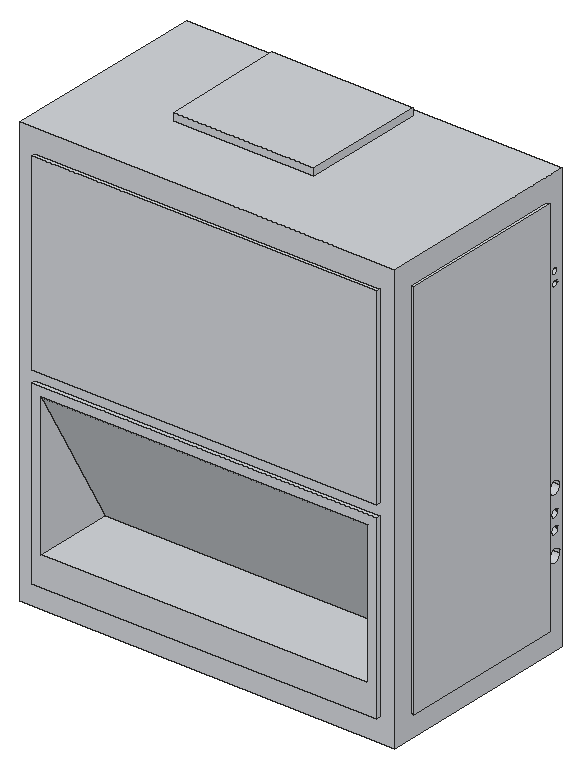
Revit family "44627e0ab2e943dab8dfb42cbd3c8ad0", category Mechanical Equipment, Revit 2021
Family settings
  Round Connector Dimension = Use Radius
  Part Type = Normal
  OmniClass Number = 23.75.35.14.17
  OmniClass Title = Modular Indoor Air Handling Units
  Seek Item ID = Air Handling Unit - Vertical Packaged - DX - 6-10 Tons-0000-USA-ENU
  Work Plane-Based = No
  Always vertical = Yes
  Cut with Voids When Loaded = No
  Shared = No
  Room Calculation Point = No
Parameters (values of type "2400 CFM")
  Working Pressure [instance] = 435.00 psi
  Voltage = 208 V
  Supply Air Outlet Width = 18 3/8"
  Supply Air Outlet Height = 16 1/16"
  Return Air Inlet Width = 42 3/4"
  Return Air Inlet Height = 18 1/2"
  Power Wire Radius = 0.437500"
  Power Wire Diameter = Power Wire Radius * 2  # 0.875000"
  Outlet Radius = 7/8"
  Outlet Diameter = Outlet Radius * 2  # 1 3/4"
  Operating Charge [instance] = "3.0 lb"
  Number of Poles = 3
  Nominal Capacity [instance] = 6000 Btu/h
  Load Classification = Cooling
  Inlet Radius = 9/16"
  Inlet Diameter = Inlet Radius * 2  # 1 1/8"
  External Static Pressure [instance] = 2.00 in-wg
  Drain Radius = 5/8"
  Drain Flow [instance] = 0 GPM
  Drain Diameter = Drain Radius * 2  # 1 1/4"
  Default Elevation = 0' - 0"
  Control Wire Radius = 0.437500"
  Control Wire Diameter = Control Wire Radius * 2  # 0.875000"
  C2 Offset 1 = (AHU Length - Return Air Inlet Width) / 2  # 0' - 3 1/8"
  Apparent Load = 1530 VA
  Air Flow = 2400 CFM
  AHU Width = 2' - 4 3/16"
  AHU Material = none
  AHU Length = 4' - 1"
  AHU Height = 4' - 8 1/16"
Types (4): name | Supply Air Outlet Height | Nominal Capacity | Apparent Load | Air Flow
  (no name) | 16 1/16" | 6000 Btu/h | 1530 VA | 2400 CFM
  2400 CFM | 16 1/16" | 6000 Btu/h | 1530 VA | 2400 CFM
  3000 CFM | 18 1/2" | 7500 Btu/h | 1860 VA | 3000 CFM
  4000 CFM | 18 1/2" | 10000 Btu/h | 2690 VA | 4000 CFM
Reference planes (in)
  plane 1 "Center (Front/Back)": y = 0
  plane 2: z = 0
  plane 3 "Center (Left/Right)": x = 0
  plane 4: x = 49
  plane 5: x = 2
  plane 6: x = 47
  plane 7: z = 56.0625
  plane 8: z = 3
  plane 9: z = 53.0625
  plane 10: z = 28.03125
  plane 11: z = 26.53125
  plane 12: z = 29.53125
  plane 13: y = -0.5
  plane 14: y = 27.6875
  plane 15: x = 12.0625
  plane 16: y = 26.0625
  plane 17: y = 10
  plane 18: z = 57.0625
  plane 19: z = 1.5
  plane 20: z = 6.75
  plane 21: x = 3.125
  plane 22: x = 30.4375
  plane 23: x = 45.875
  plane 24: z = 11.0625
  plane 25: z = 14.0625
  plane 26: z = 25.25
  plane 27: z = 16.0625
  plane 28: z = 19.0625
  plane 29: z = 42.9375
  plane 30: z = 44.4375
  plane 31: x = 49.5
  plane 32: x = -0.5
  plane 33: y = 27.1875
  plane 34: y = 2.5
  plane 35: y = 24.6875
Forms (in)
  Extrusion 1, solid, material <- "AHU Material"
    sketch origin (0, 0, 0) x (1, 0, 0) y (0, 1, 0)
      loop
        line (0, 27.1875) -> (0, 0) -> (49, 0) -> (49, 27.1875) -> (0, 27.1875)
    from 0 to 56.0625
  Extrusion 2, solid, material <- "AHU Material"
    sketch origin (0, 0, 0) x (1, 0, 0) y (0, 1, 0)
      loop
        line (2, -0.5) -> (47, -0.5) -> (47, 27.6875) -> (2, 27.6875) -> (2, -0.5)
    from 28.03125 to 53.0625
  Extrusion 3, solid, material <- "AHU Material"
    sketch origin (0, 0, 0) x (1, 0, 0) y (0, 0, 1)
      loop
        line (2, 26.53125) -> (2, 3) -> (47, 3) -> (47, 26.53125) -> (2, 26.53125)
    from -27.6875 to 0.5
  Extrusion 4, solid, material <- "AHU Material"
    sketch origin (0, 0, 0) x (1, 0, 0) y (0, 1, 0)
      loop
        line (-0.5, 24.6875) -> (-0.5, 2.5) -> (49.5, 2.5) -> (49.5, 24.6875) -> (-0.5, 24.6875)
    from 3 to 53.0625
  Extrusion 5, solid, material <- "AHU Material"
    sketch origin (0, 0, 0) x (1, 0, 0) y (0, 1, 0)
      loop
        line (30.4375, 26.0625) -> (12.0625, 26.0625) -> (12.0625, 10) -> (30.4375, 10) -> (30.4375, 26.0625)
    from 56.0625 to 57.0625
  Extrusion 6, void
    sketch origin (0, 0, 0) x (0, 1, 0) y (0, 0, 1)
      loop
        circle (26.0625, 1.5) r 0.625
    from 0 to 2
  Extrusion 7, void
    sketch origin (0, 0, 0) x (0, 1, 0) y (0, 0, 1)
      loop
        circle (26.0625, 11.0625) r 0.875
    from 45.875 to 49
  Extrusion 8, void
    sketch origin (0, 0, 0) x (0, 1, 0) y (0, 0, 1)
      loop
        circle (26.0625, 14.0625) r 0.5625
    from 45.875 to 49
  Extrusion 9, void
    sketch origin (0, 0, 0) x (0, 1, 0) y (0, 0, 1)
      loop
        circle (26.0625, 16.0625) r 0.5625
    from 45.875 to 49
  Extrusion 10, void
    sketch origin (0, 0, 0) x (0, 1, 0) y (0, 0, 1)
      loop
        circle (26.0625, 19.0625) r 0.875
    from 45.875 to 49
  Extrusion 11, void
    sketch origin (0, 0, 0) x (0, 1, 0) y (0, 0, 1)
      loop
        circle (26.0625, 42.9375) r 0.4375
    from 45.875 to 49
  Extrusion 12, void
    sketch origin (0, 0, 0) x (0, 1, 0) y (0, 0, 1)
      loop
        circle (26.0625, 44.4375) r 0.4375
    from 49 to 45.875
  Extrusion 13, void
    sketch origin (0, 0, 0) x (0, 1, 0) y (0, 0, 1)
      loop
        line (-0.5, 25.25) -> (-0.5, 6.75) -> (10, 6.75) -> (-0.5, 25.25)
    from 3.125 to 45.875
Cuts and joins
  Extrusion 6, Extrusion 7, Extrusion 8, Extrusion 9, Extrusion 10, Extrusion 11, Extrusion 12, Extrusion 13 cuts Extrusion 1
  Extrusion 13 cuts Extrusion 3
  Extrusion 13 cuts Extrusion 4
  joined: Extrusion 1, Extrusion 2, Extrusion 3, Extrusion 4, Extrusion 5
Dimensions and locks (in)
  "AHU Length": plane 3 "Center (Left/Right)" to plane 4
  locked: plane 3 "Center (Left/Right)" to plane 5 at 2
  locked: plane 6 to plane 4 at 2
  "AHU Height": plane 7 to plane 2
  locked: plane 8 to plane 2 at 3
  locked: plane 7 to plane 9 at 3
  locked: plane 13 to plane 1 "Center (Front/Back)" at 0.5
  "AHU Width": plane 13 to plane 14
  plane 12 to plane 10 to plane 11 = 0' - 1 1/2" locked, 0' - 1 1/2" locked
  locked: plane 3 "Center (Left/Right)" to plane 15 at 12.0625
  locked: plane 14 to plane 16 at 1.625
  "Supply Air Outlet Height": plane 16 to plane 17
  locked: plane 18 to plane 7 at 1
  "C2 Offset 1": plane 21 to plane 3 "Center (Left/Right)"
  "Supply Air Outlet Width": plane 15 to plane 22
  "Return Air Inlet Width": plane 23 to plane 21
  locked: plane 19 to plane 2 at 1.5
  locked: plane 24 to plane 2 at 11.0625
  locked: plane 2 to plane 25 at 14.0625
  locked: plane 20 to plane 2 at 6.75
  "Return Air Inlet Height": plane 26 to plane 20
  locked: plane 27 to plane 2 at 16.0625
  locked: plane 28 to level at 19.0625
  locked: level to plane 29 at 42.9375
  locked: plane 2 to plane 30 at 44.4375
  locked: plane 32 to plane 3 "Center (Left/Right)" at 0.5
  locked: plane 14 to plane 33 at 0.5
  locked: plane 13 to plane 34 at 3
  locked: plane 14 to plane 35 at 3
  "Drain Radius": radius of Extrusion 6 sketch curve
  "Outlet Radius": radius of Extrusion 7 sketch curve
  "Inlet Radius": radius of Extrusion 8 sketch curve
  "Inlet Radius": radius of Extrusion 9 sketch curve
  "Outlet Radius": radius of Extrusion 10 sketch curve
  "Power Wire Radius": radius of Extrusion 11 sketch curve
  "Control Wire Radius": radius of Extrusion 12 sketch curve
  aligned and locked: plane 3 "Center (Left/Right)" to Extrusion 1 sketch curve
  aligned and locked: Extrusion 1 sketch curve to plane 33
  aligned and locked: plane 1 "Center (Front/Back)" to Extrusion 1 sketch curve
  aligned and locked: Extrusion 1 sketch curve to plane 4
  aligned and locked: plane 13 to Extrusion 2 sketch curve
  aligned and locked: plane 14 to Extrusion 2 sketch curve
  aligned and locked: Extrusion 2 sketch curve to plane 5
  aligned and locked: plane 6 to Extrusion 2 sketch curve
  aligned and locked: plane 7 to Extrusion 1
  aligned and locked: Extrusion 1 to plane 2
  aligned and locked: plane 9 to Extrusion 2
  aligned and locked: Extrusion 2 to plane 10
  aligned and locked: plane 5 to Extrusion 3 sketch curve
  aligned and locked: Extrusion 3 sketch curve to plane 11
  aligned and locked: plane 8 to Extrusion 3 sketch curve
  aligned and locked: Extrusion 3 sketch curve to plane 6
  aligned and locked: plane 14 to Extrusion 3
  aligned and locked: plane 13 to Extrusion 3
  aligned and locked: plane 32 to Extrusion 4 sketch curve
  aligned and locked: Extrusion 4 sketch curve to plane 35
  aligned and locked: plane 34 to Extrusion 4 sketch curve
  aligned and locked: Extrusion 4 sketch curve to plane 31
  aligned and locked: plane 9 to Extrusion 4
  aligned and locked: Extrusion 4 to plane 8
  aligned and locked: plane 22 to Extrusion 5 sketch curve
  aligned and locked: plane 16 to Extrusion 5 sketch curve
  aligned and locked: plane 17 to Extrusion 5 sketch curve
  aligned and locked: Extrusion 5 sketch curve to plane 15
  aligned and locked: plane 18 to Extrusion 5
  aligned and locked: Extrusion 5 to plane 7
  aligned and locked: plane 19 to Extrusion 6 sketch curve
  aligned and locked: plane 16 to Extrusion 6 sketch curve
  aligned and locked: plane 5 to Extrusion 6
  aligned and locked: Extrusion 6 to plane 3 "Center (Left/Right)"
  aligned and locked: plane 24 to Extrusion 7 sketch curve
  aligned and locked: plane 16 to Extrusion 7 sketch curve
  aligned and locked: plane 4 to Extrusion 7
  aligned and locked: Extrusion 7 to plane 23
  aligned and locked: plane 25 to Extrusion 8 sketch curve
  aligned and locked: plane 16 to Extrusion 8 sketch curve
  aligned and locked: plane 4 to Extrusion 8
  aligned and locked: Extrusion 8 to plane 23
  aligned and locked: plane 27 to Extrusion 9 sketch curve
  aligned and locked: plane 16 to Extrusion 9 sketch curve
  aligned and locked: plane 4 to Extrusion 9
  aligned and locked: Extrusion 9 to plane 23
  aligned and locked: plane 16 to Extrusion 10 sketch curve
  aligned and locked: plane 28 to Extrusion 10 sketch curve
  aligned and locked: plane 4 to Extrusion 10
  aligned and locked: Extrusion 10 to plane 23
  aligned and locked: plane 29 to Extrusion 11 sketch curve
  aligned and locked: plane 16 to Extrusion 11 sketch curve
  aligned and locked: plane 4 to Extrusion 11
  aligned and locked: Extrusion 11 to plane 23
  aligned and locked: plane 30 to Extrusion 12 sketch curve
  aligned and locked: plane 16 to Extrusion 12 sketch curve
  aligned and locked: plane 4 to Extrusion 12
  aligned and locked: Extrusion 12 to plane 23
  aligned and locked: Extrusion 13 to plane 21
  aligned and locked: plane 23 to Extrusion 13
  aligned and locked: plane 13 to Extrusion 13 sketch curve
  aligned and locked: plane 20 to Extrusion 13 sketch curve
  aligned and locked: plane 26 to Extrusion 13 sketch curve
Automatic sketch dimensions
  Extrusion 13 sketch curve to plane 17 = 0' - 0"
Connectors (in)
  hvac at (21.25, 18.03125, 57.0625), driven by "External Static Pressure", driven by "Air Flow", driven by "Supply Air Outlet Height", driven by "Supply Air Outlet Width"
    settings: on Extrusion 5, index 1, duct flow 2400 CFM, flow factor 0, pres drop 2.00 in-wg, loss coef 0, conn angle 0.00°, conn width 18 3/8", conn height 16 1/16", conn diameter 24", duct sys type 1, conn prof type 1, flow config 0, flow direction 2, loss method 4, conn ref index 2, conn util no, is conn primary yes, conn desc ""
  hvac at (24.5, -0.5, 14.76563), driven by "Air Flow", driven by "Return Air Inlet Height", driven by "Return Air Inlet Width"
    settings: on cut or joined group 1 (Extrusion 1, Extrusion 2, Extrusion 3, Extrusion 4, Extrusion 5, Extrusion 6, Extrusion 7, Extrusion 8, Extrusion 9, Extrusion 10, Extrusion 11, Extrusion 12, Extrusion 13), index 2, duct flow 2400 CFM, flow factor 0, pres drop 0.00 in-wg, loss coef 0, conn angle 0.00°, conn width 42 3/4", conn height 18 1/2", conn diameter 24", duct sys type 2, conn prof type 1, flow config 0, flow direction 1, loss method 4, conn ref index 1, conn util no, is conn primary no, conn desc ""
  piping at (49, 26.0625, 11.0625), diameter 1.75, driven by "Outlet Radius"
    settings: on cut or joined group 1, index 3, connector inside diameter 1 3/4", connector length 0' - 0", flow factor 0, pipe flow 0 GPM, pressure drop 435.00 psi, fitting loss kfactor 0, connector angle 0.00°, fixture units 0, engagement length 0' - 0", angle of deflection 0.00°, flow configuration 1, flow direction 2, fitting loss method 0, system type 22, joint type 0, gender type 0, connector reference index 4, connector utility 0, adjustable connector no, is connector primary yes, connector description "Out"
  piping at (49, 26.0625, 14.0625), diameter 1.125, driven by "Inlet Radius"
    settings: on cut or joined group 1, index 4, connector inside diameter 1 1/8", connector length 0' - 0", flow factor 0, pipe flow 0 GPM, pressure drop 0.00 psi, fitting loss kfactor 0, connector angle 0.00°, fixture units 0, engagement length 0' - 0", angle of deflection 0.00°, flow configuration 1, flow direction 1, fitting loss method 0, system type 22, joint type 0, gender type 0, connector reference index 3, connector utility 0, adjustable connector no, is connector primary no, connector description "In"
  piping at (49, 26.0625, 16.0625), diameter 1.125, driven by "Inlet Radius"
    settings: on cut or joined group 1, index 5, connector inside diameter 1 1/8", connector length 0' - 0", flow factor 0, pipe flow 0 GPM, pressure drop 0.00 psi, fitting loss kfactor 0, connector angle 0.00°, fixture units 0, engagement length 0' - 0", angle of deflection 0.00°, flow configuration 1, flow direction 1, fitting loss method 0, system type 22, joint type 0, gender type 0, connector reference index 6, connector utility 0, adjustable connector no, is connector primary no, connector description "In"
  piping at (49, 26.0625, 19.0625), diameter 1.75, driven by "Outlet Radius"
    settings: on cut or joined group 1, index 6, connector inside diameter 1 3/4", connector length 0' - 0", flow factor 0, pipe flow 0 GPM, pressure drop 435.00 psi, fitting loss kfactor 0, connector angle 0.00°, fixture units 0, engagement length 0' - 0", angle of deflection 0.00°, flow configuration 1, flow direction 2, fitting loss method 0, system type 22, joint type 0, gender type 0, connector reference index 5, connector utility 0, adjustable connector no, is connector primary no, connector description "Out"
  piping at (0, 26.0625, 1.5), diameter 1.25, driven by "Drain Radius", driven by "Drain Flow"
    settings: on cut or joined group 1, index 7, connector inside diameter 1 1/4", connector length 0' - 0", flow factor 0, pipe flow 0 GPM, pressure drop 0.00 psi, fitting loss kfactor 0, connector angle 0.00°, fixture units 0, engagement length 0' - 0", angle of deflection 0.00°, flow configuration 1, flow direction 2, fitting loss method 0, system type 16, joint type 0, gender type 0, connector reference index -1, connector utility 0, adjustable connector yes, is connector primary no, connector description "Drain Out"
  electrical at (49, 26.0625, 42.9375), driven by "Apparent Load", driven by "Voltage", driven by "Number of Poles", driven by "Load Classification"
    settings: on cut or joined group 1, index 8, voltage 208 V, apparent load 1530 VA, apparent load phase1 0 VA, apparent load phase2 0 VA, apparent load phase3 0 VA, power factor 0.8, load classification "Cooling", number of poles 3, system type 30, power factor state 1, is connector primary yes, connector utility no, sub classification motor no, connector description ""
  electrical at (49, 26.0625, 44.4375)
    settings: on cut or joined group 1, index 9, voltage 0 V, apparent load 0 VA, apparent load phase1 0 VA, apparent load phase2 0 VA, apparent load phase3 0 VA, power factor 1, load classification "Other", number of poles 1, system type 13, power factor state 1, is connector primary no, connector utility no, sub classification motor no, connector description ""
